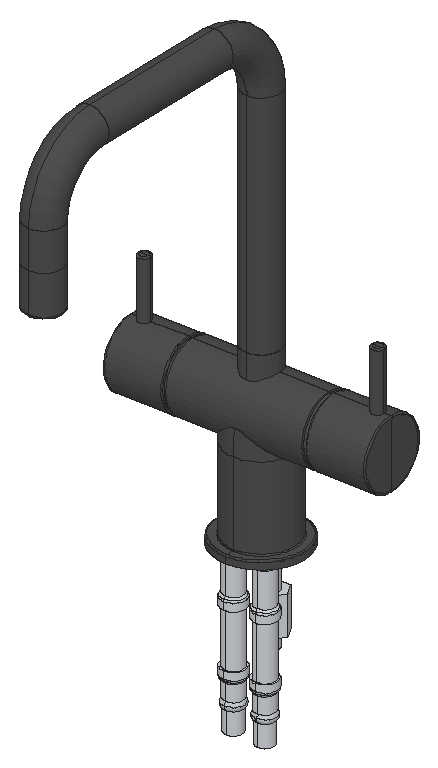
Revit family "Reece_Tap_Sussex_Scala Mini_Basin Twinner_Square", category Plumbing Fixtures, host Face, Revit 2018
Family settings
  Host = Face
  Round Connector Dimension = Use Diameter
  Part Type = Normal
  Cut with Voids When Loaded = No
  Shared = Yes
  Room Calculation Point = Yes
Parameters (values of type "170 mm_Matte Black")
  WFU = 0  # constant formula
  URL = "https://www.reece.com.au/product/-2263334"
  Type Comments = "Tap"
  Reece_Tap_Reach = 140 mm
  Reece_Tap_Inlet = 12 mm  # constant formula
  Reece_Tap_Clearance = 170 mm
  Reece_Product_Web Page = "https://www.reece.com.au/product/-2263334"
  Reece_Product_Type = "Tap"  # constant formula
  Reece_Product_Sub Brand = "Scala Mini"  # constant formula
  Reece_Product_Number = "2263334"
  Reece_Product_Mount = "Hob Mounted"
  Reece_Product_Description = "Sussex Scala Mini Twin Handle Mixer Tap Small Square Matte Black (5 Star)"
  Reece_Product_Brand = "Sussex"  # constant formula
  Reece_Overall_Height = 250 mm
  Reece_Material_Main = Reece_Brass_Matte Black
  Reece_Detail_Type = "Basin Twinner"  # constant formula
  Reece_Detail_Shape = "Square"  # constant formula
  Reece_Detail_Disclaimer = "THIS FILE IS THE PROPERTY OF THE REECE GROUP. IT MAY NOT BE REPRODUCED, REVERSE-ENGINEERED OR MODIFIED. ANY REPUBLICATION, TRANSMISSION OR DISTRIBUTION FOR THE PURPOSE OF COMMERCIALLY EXPLOITING THE FILES IS PROHIBITED."  # constant formula
  Reece_Detail_Additional = ""
  Model = "Scala Mini"
  Manufacturer = "Sussex"
  Keynote = "Product #2263334, Reece_Tap_Sussex_Scala Mini_Basin Twinner_Square - 170 mm_Matte Black"
  HWFU = 0  # constant formula
  Disclaimer = "THIS FILE IS THE PROPERTY OF THE REECE GROUP. IT MAY NOT BE REPRODUCED, REVERSE-ENGINEERED OR MODIFIED. ANY REPUBLICATION, TRANSMISSION OR DISTRIBUTION FOR THE PURPOSE OF COMMERCIALLY EXPLOITING THE FILES IS PROHIBITED."  # constant formula
  Description = "Scala Mini Twin Handle Mixer Tap Small Square Matte Black (5 Star)"
  Default Elevation = 1000 mm
  CWFU = 0  # constant formula
Types (5, lengths in mm): name | URL | Reece_Tap_Reach | Reece_Tap_Clearance | Reece_Product_Web Page | Reece_Product_Number | Reece_Product_Description | Reece_Overall_Height | Reece_Material_Main | Reece_Detail_Additional | Keynote | Description
  170 mm_Chrome | "https://www.reece.com.au/product/-225947" | 140 | 170 | "https://www.reece.com.au/product/-225947" | "225947" | "Sussex Scala Mini Twin Handle Mixer Tap Small Square Chrome (5 Star)" | 250 | Reece_Brass_Chrome | "Small" | "Product #225947, Reece_Tap_Sussex_Scala Mini_Basin Twinner_Square - 170 mm_Chrome" | "Scala Mini Twin Handle Mixer Tap Small Square Chrome (5 Star)"
  200 mm_Chrome | "https://www.reece.com.au/product/-225948" | 200 | 200 | "https://www.reece.com.au/product/-225948" | "225948" | "Sussex Scala Mini Twin Handle Mixer Tap Large Square Chrome (5 Star)" | 300 | Reece_Brass_Chrome | "" | "Product #225948, Reece_Tap_Sussex_Scala Mini_Basin Twinner_Square - 200 mm_Chrome" | "Scala Mini Twin Handle Mixer Tap Large Square Chrome (5 Star)"
  200 mm_PVD Brushed Platinum Gold | "https://www.reece.com.au/product/-2268218" | 200 | 200 | "https://www.reece.com.au/product/-2268218" | "2268218" | "Sussex Scala Mini Twin Handle Mixer Tap Large Square LUX PVD Brushed Platinum Gold (5 Star)" | 300 | Reece_PVD_Brushed_Platinum Gold | "" | "Product #2268218, Reece_Tap_Sussex_Scala Mini_Basin Twinner_Square - 200 mm_PVD Brushed Platinum Gold" | "Scala Mini Twin Handle Mixer Tap Large Square LUX PVD Brushed Platinum Gold (5 Star)"
  170 mm_PVD Brushed Platinum Gold | "https://www.reece.com.au/product/-2268219" | 140 | 170 | "https://www.reece.com.au/product/-2268219" | "2268219" | "Sussex Scala Mini Twin Handle Mixer Tap Small Square LUX PVD Brushed Platinum Gold (5 Star)" | 250 | Reece_PVD_Brushed_Platinum Gold | "Small" | "Product #2268219, Reece_Tap_Sussex_Scala Mini_Basin Twinner_Square - 170 mm_PVD Brushed Platinum Gold" | "Scala Mini Twin Handle Mixer Tap Small Square LUX PVD Brushed Platinum Gold (5 Star)"
  170 mm_Matte Black | "https://www.reece.com.au/product/-2263334" | 140 | 170 | "https://www.reece.com.au/product/-2263334" | "2263334" | "Sussex Scala Mini Twin Handle Mixer Tap Small Square Matte Black (5 Star)" | 250 | Reece_Brass_Matte Black | "" | "Product #2263334, Reece_Tap_Sussex_Scala Mini_Basin Twinner_Square - 170 mm_Matte Black" | "Scala Mini Twin Handle Mixer Tap Small Square Matte Black (5 Star)"
Reference planes
  plane 1 "Center (Front/Back)": y = 0
  plane 2 "Bottom": z = 0
  plane 3 "Center (Left/Right)": x = 0
  plane 4: z = 170
  plane 5: y = -140
  plane 6: z = 250
  plane 7: z = 65
  plane 8: z = 82
  plane 9: z = 47
  plane 10: z = 112
  plane 11: x = 35
  plane 12: z = 240.5
  plane 13: z = 190.922
  plane 14: x = -67.496
  plane 15: x = 67.496
Forms (mm)
  Sweep 1, solid, material "Reece_Brass_Matte Black" <- "Reece_Material_Main"
    path origin (0, 0, 0.312) x (0, 1, 0) y (0, 0, 1)
      loop
        line (0, 91.687) -> (0, 210.187)
        arc (0, 210.187) -> (-8.787, 231.401) -> (-30, 240.187) r 30
        line (-30, 240.187) -> (-110, 240.187)
        arc (-110, 240.187) -> (-131.213, 231.401) -> (-140, 210.187) r 30
        line (-140, 210.187) -> (-140, 190.818)
    profile origin (0, 0, 151.25) x (0, -1, 0) y (1, 0, 0)
      loop
        circle (0, 0) r 9.5
  Revolve 2, solid, material "Reece_Brass_Matte Black" <- "Reece_Material_Main"
    sketch origin (0, 0, 30.042) x (0, 1, 0) y (0, 0, 1)
      loop
        line (-140, 162.363) -> (-148.635, 162.363) -> (-148.635, 160.88) -> (-149.5, 160.88) -> (-149.5, 140.458)
        arc (-149.5, 140.458) -> (-149.354, 140.105) -> (-149, 139.958) r 0.5
        line (-149, 139.958) -> (-148.17, 139.958) -> (-148.17, 141.262) -> (-147.164, 141.262) -> (-146.411, 139.958) -> (-140, 139.958) -> (-140, 162.363)
      axis (-140, 162.363) -> (-140, 139.958)
    angle from 0 to 360
  Revolve 3, solid, material "Reece_Brass_Matte Black" <- "Reece_Material_Main"
    sketch origin (2, 0, 0) x (-1, 0, 0) y (0, 0, -1)
      loop
        line (-65.5, -64.5) -> (-65.5, -81.319)
        arc (-65.5, -81.319) -> (-65.301, -81.801) -> (-64.819, -82) r 0.681
        line (-64.819, -82) -> (-35.5, -82)
        arc (-35.5, -82) -> (-35.146, -81.854) -> (-35, -81.5) r 0.5
        line (-35, -81.5) -> (-35, -64.5) -> (-65.5, -64.5)
      axis (-65.5, -64.5) -> (-35, -64.5)
    angle from 0 to 360
  Revolve 4, solid, material "Reece_Brass_Matte Black" <- "Reece_Material_Main"
    sketch origin (4, 0, 0) x (-1, 0, 0) y (0, 0, -1)
      loop
        line (-56.2, -112) -> (-53.665, -112)
        arc (-53.665, -112) -> (-53.23, -111.82) -> (-53.05, -111.385) r 0.615
        line (-53.05, -111.385) -> (-53.05, -73.2) -> (-56.2, -73.2) -> (-56.2, -112)
      axis (-56.2, -112) -> (-56.2, -73.2)
    angle from 0 to 360
  Extrusion 5, void
    sketch origin (0, 0, 0) x (1, 0, 0) y (0, 1, 0)
      loop
        circle (0, 0) r 16
    from -15.592 to 15.518
  Revolve 6, solid, material "Reece_Brass_Matte Black" <- "Reece_Material_Main"
    sketch origin (-2, 0, 0) x (1, 0, 0) y (0, 0, 1)
      loop
        line (-65.5, 64.5) -> (-35, 64.5) -> (-35, 81.5)
        arc (-35, 81.5) -> (-35.146, 81.854) -> (-35.5, 82) r 0.5
        line (-35.5, 82) -> (-64.763, 82)
        arc (-64.763, 82) -> (-65.284, 81.784) -> (-65.5, 81.263) r 0.737
        line (-65.5, 81.263) -> (-65.5, 64.5)
      axis (-65.5, 64.5) -> (-35, 64.5)
    angle from 0 to 360
  Revolve 7, solid, material "Reece_Brass_Matte Black" <- "Reece_Material_Main"
    sketch origin (-4, 0, 0) x (1, 0, 0) y (0, 0, 1)
      loop
        line (-56.2, 112) -> (-56.2, 73.2) -> (-53.05, 73.2) -> (-53.05, 111.385)
        arc (-53.05, 111.385) -> (-53.23, 111.82) -> (-53.665, 112) r 0.615
        line (-53.665, 112) -> (-56.2, 112)
      axis (-56.2, 112) -> (-56.2, 73.2)
    angle from 0 to 360
  Revolve 8, solid, material "Reece_Brass_Matte Black" <- "Reece_Material_Main"
    sketch origin (0, 0, 0) x (0, 1, 0) y (0, 0, 1)
      loop
        line (-16, 0) -> (-16, 1.889) -> (0, 1.889) -> (0, 92.591) -> (-8.384, 92.591) -> (-9.5, 91.654) -> (-9.5, 65) -> (-16.5, 65)
        arc (-16.5, 65) -> (-17.25, 56.014) -> (-17.5, 47) r 162.5
        line (-17.5, 47) -> (-17.5, 4.5)
        arc (-17.5, 4.5) -> (-17.646, 4.146) -> (-18, 4) r 0.5
        line (-18, 4) -> (-21.9, 4)
        arc (-21.9, 4) -> (-22.324, 3.824) -> (-22.5, 3.4) r 0.6
        line (-22.5, 3.4) -> (-22.5, 0) -> (-16, 0)
      axis (0, 92.591) -> (0, 0)
    angle from 0 to 360
  Revolve 9, solid
    sketch origin (0, -6.983, -4.38) x (0, 1, 0) y (0, 0, 1)
      loop
        line (11.924, 6.27) -> (11.924, -47)
        arc (11.924, -47) -> (12.07, -47.353) -> (12.424, -47.5) r 0.5
        line (12.424, -47.5) -> (14.924, -47.5) -> (14.924, 6.27) -> (11.924, 6.27)
      axis (14.924, -47.5) -> (14.924, 6.27)
    angle from 0 to 360
  Extrusion 10, solid
    sketch origin (619.2, -626.183, -34.38) x (1, 0, 0) y (0, 1, 0)
      loop
        circle (-619.2, 634.124) r 3
      loop
        line (-622.996, 640.698) -> (-626.791, 634.124) -> (-622.996, 627.549) -> (-615.404, 627.549) -> (-611.609, 634.124) -> (-615.404, 640.698) -> (-622.996, 640.698)
    from -10 to 10
  Revolve 11, solid
    sketch origin (-8.271, -4579.5, 333.442) x (0, 0, 1) y (0, -1, 0)
      loop
        line (-389.647, -4565.8) -> (-393.549, -4565.8)
        arc (-393.549, -4565.8) -> (-394.023, -4565.877) -> (-394.449, -4566.101) r 1.5
        line (-394.449, -4566.101) -> (-395.687, -4567.03) -> (-404.047, -4567.03) -> (-406.076, -4566.425)
        arc (-406.076, -4566.425) -> (-407.469, -4566.518) -> (-408.462, -4567.5) r 2
        line (-408.462, -4567.5) -> (-419.774, -4567.5) -> (-419.774, -4572) -> (-331.553, -4572) -> (-331.553, -4568.64) -> (-338.011, -4568.64) -> (-338.011, -4567.03) -> (-355.506, -4567.03) -> (-356.743, -4566.101)
        arc (-356.743, -4566.101) -> (-357.169, -4565.877) -> (-357.644, -4565.8) r 1.5
        line (-357.644, -4565.8) -> (-361.546, -4565.8) -> (-361.546, -4567) -> (-389.647, -4567) -> (-389.647, -4565.8)
      axis (-419.774, -4572) -> (-331.553, -4572)
    angle from 0 to 360
  Revolve 12, solid
    sketch origin (8.029, -4579.5, 333.442) x (0, 0, 1) y (0, 1, 0)
      loop
        line (-389.647, 4565.8) -> (-389.647, 4567) -> (-361.546, 4567) -> (-361.546, 4565.8) -> (-357.644, 4565.8)
        arc (-357.644, 4565.8) -> (-357.169, 4565.877) -> (-356.743, 4566.101) r 1.5
        line (-356.743, 4566.101) -> (-355.506, 4567.03) -> (-338.011, 4567.03) -> (-338.011, 4568.64) -> (-331.553, 4568.64) -> (-331.553, 4572) -> (-419.774, 4572) -> (-419.774, 4567.5) -> (-408.462, 4567.5)
        arc (-408.462, 4567.5) -> (-407.469, 4566.518) -> (-406.076, 4566.425) r 2
        line (-406.076, 4566.425) -> (-404.047, 4567.03) -> (-395.687, 4567.03) -> (-394.449, 4566.101)
        arc (-394.449, 4566.101) -> (-394.023, 4565.877) -> (-393.549, 4565.8) r 1.5
        line (-393.549, 4565.8) -> (-389.647, 4565.8)
      axis (-419.774, 4572) -> (-331.553, 4572)
    angle from 0 to 360
  Revolve 13, solid, material "Reece_Brass_Matte Black" <- "Reece_Material_Main"
    sketch origin (0, 0, 0) x (1, 0, 0) y (0, 0, 1)
      loop
        line (35, 82) -> (-35, 82) -> (-35, 81.2)
        arc (-35, 81.2) -> (-46.809, 76.309) -> (-51.7, 64.5) r 16.7
        line (-51.7, 64.5) -> (51.7, 64.5)
        arc (51.7, 64.5) -> (46.809, 76.309) -> (35, 81.2) r 16.7
        line (35, 81.2) -> (35, 82)
      axis (-51.7, 64.5) -> (51.7, 64.5)
    angle from 0 to 360
Cuts and joins
  joined: Sweep 1, Revolve 2, Revolve 3, Revolve 4, Revolve 6, Revolve 7, Revolve 8, Revolve 13
Text (mm)
  text "Reece Copyright © 2018, Reece Ltd." at (-296.225, -219.523, 0), in view "Ref. Level"
  text "Reece ©" at (44.384, 258.95, 192.345), in view "Reece Preview"
Dimensions and locks
  plane 7 to host face = 65 mm
  plane 8 to host face = 82 mm
  plane 10 to plane 9 = 65 mm
  "Reece_Tap_Clearance": plane 4 to plane 2 "Bottom"
  "Reece_Tap_Reach": plane 1 "Center (Front/Back)" to plane 5
  "Reece_Overall_Height": plane 6 to host face
  locked: plane 12 to plane 6 at 9.5
  locked: plane 13 to plane 4 at 20.922
  plane 14 to plane 15 = 134.993 mm
  aligned and locked: plane 2 "Bottom" to host face
  aligned and locked: level to host face
  aligned and locked: plane 12 to Sweep 1 sketch curve
  aligned and locked: cut or joined group of Sweep 1, Revolve 2, Revolve 3, Revolve 4, Revolve 6, Revolve 7, Revolve 8, Revolve 13 to plane 13
  aligned and locked: Revolve 2 sketch curve to plane 5
Automatic sketch dimensions
  host sketch curve to host sketch curve = 380.785 mm
  host sketch curve to host sketch curve = 317.421 mm
  Sweep 1 sketch curve to plane 3 "Center (Left/Right)" = 0 mm
  Sweep 1 sketch curve to profile plane = 0 mm
  Revolve 4 sketch curve to plane 10 = 0 mm
  plane 11 to Revolve 4 sketch curve = 25.2 mm
  plane 10 to Revolve 4 sketch curve = 0.615 mm
  Revolve 4 sketch curve to Revolve 4 sketch curve = 2.535 mm
  plane 7 to Revolve 4 sketch curve = 8.2 mm
  Revolve 4 sketch curve to Revolve 4 sketch curve = 0 mm
  Revolve 4 sketch curve to plane 8 = 3.8 mm
  Revolve 4 sketch curve to Revolve 4 sketch curve = 2.831 mm
  plane 1 "Center (Front/Back)" to Extrusion 5 sketch curve = 0 mm
  Extrusion 5 sketch curve to plane 3 "Center (Left/Right)" = 0 mm
  Revolve 7 sketch curve to plane 10 = 0 mm
  Revolve 7 sketch curve to plane 3 "Center (Left/Right)" = 60.2 mm
  plane 10 to Revolve 7 sketch curve = 0.615 mm
  Revolve 7 sketch curve to Revolve 7 sketch curve = 2.535 mm
  plane 7 to Revolve 7 sketch curve = 8.2 mm
  Revolve 7 sketch curve to Revolve 7 sketch curve = 0 mm
  Revolve 7 sketch curve to plane 8 = 3.8 mm
  Revolve 7 sketch curve to Revolve 7 sketch curve = 2.831 mm
  level to Revolve 8 sketch curve = 0 mm
  plane 9 to Revolve 8 sketch curve = 0 mm
  Revolve 8 sketch curve to plane 7 = 0 mm
  Revolve 8 sketch curve to plane 1 "Center (Front/Back)" = 0 mm  (x2)
  plane 1 "Center (Front/Back)" to Revolve 8 sketch curve = 8.384 mm
  plane 1 "Center (Front/Back)" to Revolve 8 sketch curve = 9.5 mm
  plane 1 "Center (Front/Back)" to Revolve 8 sketch curve = 16 mm
  Revolve 8 sketch curve to Revolve 8 sketch curve = 7 mm
  plane 1 "Center (Front/Back)" to Revolve 8 sketch curve = 17.5 mm
  Revolve 8 sketch curve to Revolve 8 sketch curve = 0.5 mm
  Revolve 8 sketch curve to Revolve 8 sketch curve = 3.9 mm
  Revolve 8 sketch curve to Revolve 8 sketch curve = 0.6 mm
  level to Revolve 8 sketch curve = 1.889 mm
  Revolve 8 sketch curve to Revolve 8 sketch curve = 3.4 mm
  plane 8 to Revolve 8 sketch curve = 9.654 mm
  Revolve 8 sketch curve to Revolve 8 sketch curve = 0.936 mm
  Revolve 8 sketch curve to level = 30 mm
  plane 9 to Revolve 8 sketch curve = 22 mm
  Revolve 9 sketch curve to plane 1 "Center (Front/Back)" = 4.941 mm
  Revolve 9 sketch curve to Revolve 9 sketch curve = 0.5 mm
  Revolve 9 sketch curve to Revolve 9 sketch curve = 2.5 mm
  Revolve 9 sketch curve to level = 51.88 mm
  plane 9 to Revolve 9 sketch curve = 45.111 mm
  plane 9 to Revolve 9 sketch curve = 31.24 mm
  Revolve 9 sketch curve to plane 1 "Center (Front/Back)" = 7.941 mm
  Revolve 9 sketch curve to Revolve 9 sketch curve = 0 mm
  Extrusion 10 sketch curve to Extrusion 10 sketch curve = 0 mm  (x3)
  Extrusion 10 sketch curve to plane 3 "Center (Left/Right)" = 0 mm
  Extrusion 10 sketch curve to plane 3 "Center (Left/Right)" = 3.796 mm  (x2)
  Extrusion 10 sketch curve to plane 1 "Center (Front/Back)" = 1.367 mm
  Extrusion 10 sketch curve to plane 3 "Center (Left/Right)" = 7.591 mm
  plane 3 "Center (Left/Right)" to Extrusion 10 sketch curve = 3.796 mm  (x2)
  Extrusion 10 sketch curve to Extrusion 10 sketch curve = 3.796 mm
  Extrusion 10 sketch curve to Extrusion 10 sketch curve = 6.574 mm  (x3)
  Extrusion 10 sketch curve to Extrusion 10 sketch curve = 3 mm
  plane 1 "Center (Front/Back)" to Revolve 11 sketch curve = 12 mm
  Revolve 11 sketch curve to level = 86.332 mm
  Revolve 11 sketch curve to Revolve 11 sketch curve = 11.313 mm
  Revolve 11 sketch curve to Revolve 11 sketch curve = 1.814 mm
  plane 1 "Center (Front/Back)" to Revolve 11 sketch curve = 13.075 mm
  Revolve 11 sketch curve to Revolve 11 sketch curve = 0.571 mm
  plane 1 "Center (Front/Back)" to Revolve 11 sketch curve = 12.47 mm
  Revolve 11 sketch curve to Revolve 11 sketch curve = 2.029 mm
  Revolve 11 sketch curve to Revolve 11 sketch curve = 8.36 mm
  Revolve 11 sketch curve to Revolve 11 sketch curve = 1.238 mm  (x2)
  Revolve 11 sketch curve to Revolve 11 sketch curve = 0.901 mm  (x2)
  Revolve 11 sketch curve to Revolve 11 sketch curve = 3.901 mm  (x2)
  Revolve 11 sketch curve to level = 28.103 mm
  plane 9 to Revolve 11 sketch curve = 51.568 mm
  Revolve 11 sketch curve to Revolve 11 sketch curve = 6.458 mm
  plane 1 "Center (Front/Back)" to Revolve 11 sketch curve = 10.86 mm
  Revolve 11 sketch curve to Revolve 11 sketch curve = 4.5 mm
  Revolve 11 sketch curve to Revolve 11 sketch curve = 0.27 mm
  plane 1 "Center (Front/Back)" to Revolve 11 sketch curve = 12.2 mm
  Revolve 11 sketch curve to Revolve 11 sketch curve = 1.61 mm
  Revolve 11 sketch curve to Revolve 11 sketch curve = 0.3 mm
  Revolve 11 sketch curve to Revolve 11 sketch curve = 1.199 mm  (x2)
  plane 1 "Center (Front/Back)" to Revolve 11 sketch curve = 7.5 mm
  Revolve 11 sketch curve to Revolve 11 sketch curve = 71.41 mm
  Revolve 11 sketch curve to Revolve 11 sketch curve = 3.412 mm
  plane 1 "Center (Front/Back)" to Revolve 12 sketch curve = 12 mm
  Revolve 12 sketch curve to level = 86.332 mm
  Revolve 12 sketch curve to Revolve 12 sketch curve = 11.313 mm
  Revolve 12 sketch curve to Revolve 12 sketch curve = 1.814 mm
  plane 1 "Center (Front/Back)" to Revolve 12 sketch curve = 13.075 mm
  Revolve 12 sketch curve to Revolve 12 sketch curve = 0.571 mm
  plane 1 "Center (Front/Back)" to Revolve 12 sketch curve = 12.47 mm  (x2)
  Revolve 12 sketch curve to Revolve 12 sketch curve = 2.029 mm
  Revolve 12 sketch curve to Revolve 12 sketch curve = 8.36 mm
  Revolve 12 sketch curve to Revolve 12 sketch curve = 1.238 mm  (x2)
  Revolve 12 sketch curve to Revolve 12 sketch curve = 0.901 mm  (x2)
  Revolve 12 sketch curve to Revolve 12 sketch curve = 3.901 mm  (x2)
  Revolve 12 sketch curve to level = 28.103 mm
  plane 9 to Revolve 12 sketch curve = 51.568 mm
  Revolve 12 sketch curve to Revolve 12 sketch curve = 6.458 mm
  Revolve 12 sketch curve to Revolve 12 sketch curve = 0.929 mm
  plane 1 "Center (Front/Back)" to Revolve 12 sketch curve = 13.399 mm
  Revolve 12 sketch curve to Revolve 12 sketch curve = 0.301 mm  (x2)
  Revolve 12 sketch curve to Revolve 12 sketch curve = 1.2 mm
  Revolve 12 sketch curve to Revolve 12 sketch curve = 1.61 mm
  Revolve 12 sketch curve to Revolve 12 sketch curve = 4.5 mm
  plane 1 "Center (Front/Back)" to Revolve 12 sketch curve = 7.5 mm
  Revolve 12 sketch curve to Revolve 12 sketch curve = 71.41 mm
  Revolve 12 sketch curve to Revolve 12 sketch curve = 3.412 mm
  Revolve 6 sketch curve to plane 8 = 0 mm
  Revolve 6 sketch curve to plane 7 = 0.5 mm  (x2)
  Revolve 6 sketch curve to plane 3 "Center (Left/Right)" = 67.5 mm
  Revolve 6 sketch curve to Revolve 6 sketch curve = 0.737 mm
  Revolve 6 sketch curve to Revolve 6 sketch curve = 29.263 mm
  Revolve 6 sketch curve to plane 8 = 0.5 mm
  Revolve 6 sketch curve to Revolve 6 sketch curve = 10.89 mm
  Revolve 6 sketch curve to Revolve 6 sketch curve = 3.842 mm
  Revolve 3 sketch curve to plane 8 = 0 mm
  Revolve 3 sketch curve to plane 7 = 0.5 mm  (x2)
  plane 11 to Revolve 3 sketch curve = 32.5 mm
  Revolve 3 sketch curve to Revolve 3 sketch curve = 0.681 mm
  plane 11 to Revolve 3 sketch curve = 2.5 mm
  Revolve 3 sketch curve to plane 8 = 0.5 mm
  Revolve 3 sketch curve to Revolve 3 sketch curve = 10.89 mm
  Revolve 3 sketch curve to Revolve 3 sketch curve = 3.842 mm
  Revolve 13 sketch curve to plane 11 = 0 mm
  plane 8 to Revolve 13 sketch curve = 0 mm
  Revolve 13 sketch curve to plane 14 = 32.496 mm
  Revolve 13 sketch curve to plane 7 = 0.5 mm  (x3)
  Revolve 13 sketch curve to plane 15 = 15.796 mm
  Revolve 13 sketch curve to Revolve 13 sketch curve = 0.8 mm
  Revolve 13 sketch curve to Revolve 13 sketch curve = 3.3 mm
  plane 14 to Revolve 13 sketch curve = 12.504 mm
  Sweep 1 sketch curve to plane 5 = 0 mm
  Sweep 1 sketch curve to plane 1 "Center (Front/Back)" = 0 mm
  Sweep 1 sketch curve to plane 5 = 30 mm
  plane 1 "Center (Front/Back)" to Sweep 1 sketch curve = 30 mm
  plane 13 to Sweep 1 sketch curve = 0.209 mm
  plane 8 to Sweep 1 sketch curve = 10 mm
  Revolve 2 sketch curve to plane 13 = 0 mm
  Revolve 2 sketch curve to plane 5 = 0 mm
  plane 4 to Revolve 2 sketch curve = 0 mm  (x2)
  Revolve 2 sketch curve to Revolve 2 sketch curve = 6.411 mm
  plane 4 to Revolve 2 sketch curve = 1.304 mm
  Revolve 2 sketch curve to Revolve 2 sketch curve = 0.753 mm
  Revolve 2 sketch curve to Revolve 2 sketch curve = 1.006 mm
  plane 13 to Revolve 2 sketch curve = 1.483 mm
  Revolve 2 sketch curve to Revolve 2 sketch curve = 8.635 mm
  Revolve 2 sketch curve to Revolve 2 sketch curve = 0.83 mm
  Revolve 2 sketch curve to Revolve 2 sketch curve = 0.5 mm
  Revolve 2 sketch curve to plane 4 = 5.121 mm
  Revolve 2 sketch curve to plane 13 = 6.043 mm
  radius of Sweep 1 sketch curve = 9.5 mm
  radius of Extrusion 5 sketch curve = 16 mm
Connectors
  piping at (-8.271, -7.5, -86.332), diameter 12, driven by "Reece_Tap_Inlet"
    settings: on Revolve 11, index 1, connector inside diameter 609.6 mm, connector length 0 mm, flow factor 0, pipe flow 0.0 L/s, pressure drop 0.0 Pa, fitting loss kfactor 0, connector angle 0.00°, fixture units 0, engagement length 0 mm, angle of deflection 0.00°, flow configuration 0, flow direction 1, fitting loss method 0, system type 29, joint type 0, gender type 0, connector reference index -1, connector utility 0, adjustable connector no, is connector primary yes, connector description ""
  piping at (8.029, -7.5, -86.332), diameter 12, driven by "Reece_Tap_Inlet"
    settings: on Revolve 12, index 2, connector inside diameter 609.6 mm, connector length 0 mm, flow factor 0, pipe flow 0.0 L/s, pressure drop 0.0 Pa, fitting loss kfactor 0, connector angle 0.00°, fixture units 0, engagement length 0 mm, angle of deflection 0.00°, flow configuration 0, flow direction 1, fitting loss method 0, system type 29, joint type 0, gender type 0, connector reference index -1, connector utility 0, adjustable connector no, is connector primary no, connector description ""
